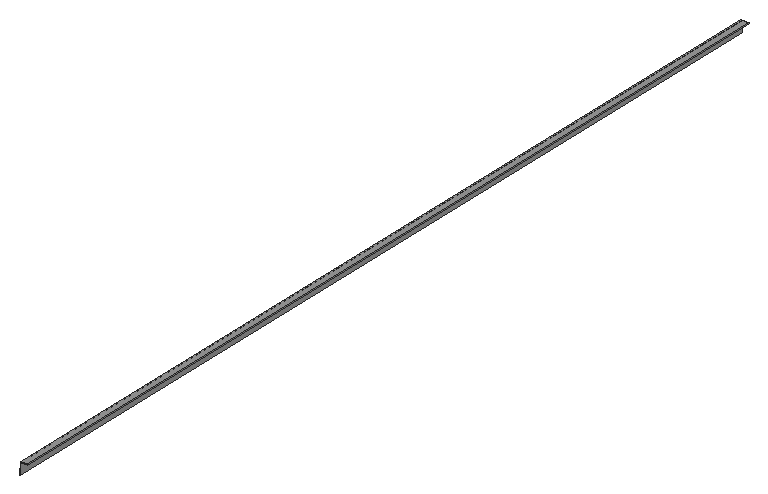
Revit family "Winkelprofilgelocht", category Generic Models, Revit 2015
Parameters (values of type "WP 40 65 5000 FT")
  URL = "http://www.obo-bettermann.com"
  Material = Steel, Galvanized
  Manufacturer Art.No. = "6373070"
  Manufacturer = "OBO Bettermann"
  Lenght = 5000 mm
  GTIN = "4012196199693"
  Article Type = "WP 40 65 5000 FT"
Reference planes
  plane 1 "Center (Front/Back)": y = 0
  plane 2: z = 0
  plane 3 "Center (Left/Right)": x = 0
  plane 4: z = -4
  plane 5: x = 4
  plane 6: x = 40
  plane 7: z = -65
  plane 8: y = 5000
Forms (mm)
  Extrusion 1, solid, material "Steel, Galvanized" <- "Material"
    sketch origin (0, 0, 0) x (1, 0, 0) y (0, 0, 1)
      loop
        line (4, -65) -> (4, -4) -> (40, -4) -> (40, 0) -> (0, 0) -> (0, -65) -> (4, -65)
    from -5000 to 0
Dimensions and locks
  locked: plane 3 "Center (Left/Right)" to plane 5 at 4
  locked: plane 4 to level at 4
  locked: plane 3 "Center (Left/Right)" to plane 6 at 40
  locked: plane 7 to level at 65
  "Lenght": plane 8 to plane 1 "Center (Front/Back)"
  plane 3 "Center (Left/Right)" to Extrusion 1 = 40 mm
  aligned and locked: level to plane 2
  aligned and locked: Extrusion 1 sketch curve to plane 5
  aligned and locked: Extrusion 1 sketch curve to plane 4
  aligned and locked: Extrusion 1 sketch curve to plane 6
  aligned and locked: plane 2 to Extrusion 1 sketch curve
  aligned and locked: Extrusion 1 sketch curve to plane 3 "Center (Left/Right)"
  aligned and locked: Extrusion 1 sketch curve to plane 7
  aligned and locked: plane 8 to Extrusion 1
  aligned and locked: plane 1 "Center (Front/Back)" to Extrusion 1
